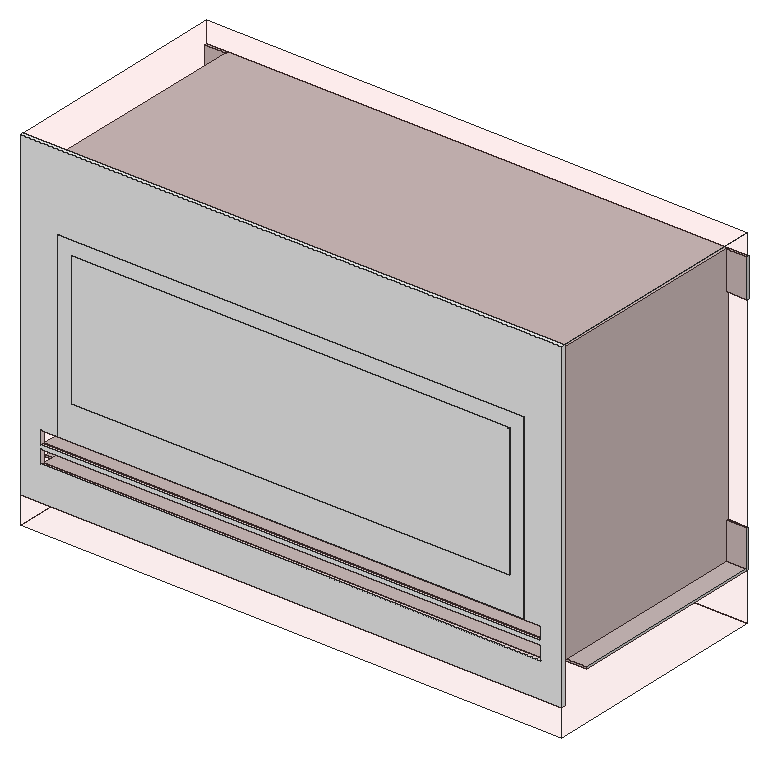
Revit family "Air-Curtain_Customer-Entry_PoweredAire_ECC-E", category Mechanical Equipment, host Face, Revit 2018
Family settings
  Host = Face
  Round Connector Dimension = Use Diameter
  Part Type = Normal
  OmniClass Number = 23.75.35.17.21
  OmniClass Title = Air Curtains
  Cut with Voids When Loaded = No
  Shared = No
  Room Calculation Point = No
Parameters
  Warranty Duration (Years) = 0
  Unit Width Notes = "Other Widths available."  # constant formula
  Unit Width = 3' - 3"
  Unit Weight = 0
  Unit Height = 1' - 4 3/4"
  Unit Depth = 1' - 11 1/4"
  URL = "http://www.poweredaire.com/"
  Test Data = ""
  Temperature Rise_Range = "as Specified"
  Standards Conformance = "as Specified"
  Specification = "http://www.arcat.com/sdspecs/htm04/23_34_33pai.htm"
  SpecWizard = ""
  Sound Pressure = "as Specified"
  Sales Information = "http://www.poweredaire.com/contact_us"
  Revision = "R1_2016-08"
  Projection from Host [instance] = 0' - 2"
  Product Properties = ""
  Product Data = "http://www.arcat.com/arcatcos/cos47/arc47623.html"
  Power Rating = 0 W
  Outlet Volume_Range = "as Specified"
  Outlet Velocity_Range = "as Specified"
  Nozzle Width = if(1 = 1, Unit Width - 0' 3", 0' 0")  # 3' - 0"
  Mounting Width = if(1 = 1, Unit Width - 0' 1 1/2", 0' 0")  # 3' - 1 1/2"
  Mounting Height [instance] = 3' - 6"
  Motor RPM = 0
  Motor HP = 0
  Motor Count = 0
  Model = "As Specified"
  Max Height = 0' - 0"
  Manufacturer Website = "http://www.poweredaire.com/"
  Manufacturer Phone - Toll Free = "888-321-2473"
  Manufacturer Phone = "724-588-3305"
  Manufacturer Fax = "724-588-3371"
  Manufacturer Address = "109 Mortensen Rd.  Greenville, PA 16125"
  Manufacturer = "Powered Aire, Inc"
  Maintenance Schedule (Months) = 0
  Keynote = "23 34 33"
  Installation-Fabrication = ""
  Installation Phase = ""
  Include Clearance [instance] = yes
  Heating Element Load = 0 W
  HVAC_Temperature Rise [instance] = 0 °F
  HVAC_Outlet Volume [instance] = 0 CFM
  HVAC_Outlet Velocity Uniformity = 0
  HVAC_Outlet Velocity [instance] = 0 FPM
  Green Building-LEED = "http://www.arcat.com/green/clients/leed_data_47623.html"
  Front Grating Material [instance] = Metal - Steel - PoweredAire - White Perforated
  Frame Finish [instance] = Metal - Steel - PoweredAire - Stainless 304
  Expected Lifespan (Years) = 0
  Electrical_Wattage [instance] = Power Rating + Heating Element Load  # 0 W
  Electrical_Voltage [instance] = 0 V
  Electrical_Phase [instance] = 1
  Electrical_Frequency [instance] = 0 Hz
  Electrical_Amperage [instance] = 0 A
  Drawn By = "Sumex Design, Inc. / Robert S. Weygant, CSI, CDT, SCIP"
  Description = "Powered Aire Air Curtain as Specified"
  Default Elevation = 0' - 0"  # constant formula
  Cover Finish [instance] = Metal - Steel - PoweredAire - White
  Copyright = "©Arcat Inc."
  Construction Details = "http://www.arcat.com/details/powair/prod3336.html"
  Clearance_Top [instance] = 0' - 0"
  Clearance_Side B [instance] = 0' - 0"
  Clearance_Side A [instance] = 0' - 0"
  Clearance_Intake [instance] = 0' - 0"
  Clearance_Front [instance] = 0' - 0"
  Clearance Material [instance] = ARCAT Clearance
  Building Codes = ""
  Available Options [instance] = "as Specified"
  Assembly Code = "D3090400"
Reference planes (in)
  plane 1 "Center (Elevation)": y = 8.51318
  plane 2: z = 0
  plane 3 "Center (Left/Right)": x = 0
  plane 4: y = 16.88818
  plane 5: y = 0.13818
  plane 6: x = -19.5
  plane 7: x = 19.5
  plane 8: z = 25.25
  plane 9 "FF": y = -41.86182
  plane 10: z = 2
  plane 11: x = 18
  plane 12: x = -18
  plane 13: y = 16.88818
  plane 14: y = 0.13818
  plane 15: x = -19.5
  plane 16: x = 19.5
  plane 17: z = 25.25
  plane 18: y = 0.38818
Forms (in)
  Extrusion 1, solid, material "ARCAT Clearance" <- "Clearance Material", visible <- "Include Clearance"
    sketch origin (0, 0, 0) x (0, 1, 0) y (0, 0, 1)
      loop
        line (0.13818, 25.25) -> (0.13818, 0) -> (16.88818, 0) -> (16.88818, 25.25) -> (0.13818, 25.25)
    from -19.5 to 19.5
  Extrusion 2, solid, material "Metal - Steel - PoweredAire - White" <- "Cover Finish"
    sketch origin (0, 8.51318, 0) x (1, 0, 0) y (0, 0, 1)
      loop
        line (-19.5, 25.25) -> (-19.5, 2) -> (19.5, 2) -> (19.5, 25.25) -> (-19.5, 25.25)
    from 8.125 to 8.375
  Extrusion 3, solid, material "Metal - Steel - PoweredAire - Stainless 304" <- "Frame Finish"
    sketch origin (0, 8.51318, 0) x (1, 0, 0) y (0, 0, 1)
      loop
        line (18, 23.75) -> (-18, 23.75) -> (-18, 3.5) -> (18, 3.5) -> (18, 23.75)
    from -8.375 to 8.125
  Extrusion 4, void
    sketch origin (0, 0, 0) x (0, 1, 0) y (0, 0, 1)
      loop
        line (0.13818, 5.5) -> (0.13818, 4.5) -> (1.88818, 4.5) -> (1.88818, 6.75) -> (0.13818, 6.75) -> (0.13818, 5.75) -> (1.63818, 5.75) -> (1.63818, 5.5) -> (0.13818, 5.5)
    from -18 to 18
  Extrusion 5, solid, material "Metal - Steel - PoweredAire - White" <- "Cover Finish"
    sketch origin (-11.83813, 0.13818, 48) x (-1, 0, 0) y (0, 0, 1)
      loop
        line (4.91187, -41.25) -> (4.91187, -28.25) -> (-28.58813, -28.25) -> (-28.58813, -41.25) -> (4.91187, -41.25)
    from 0 to -0.03125
  Extrusion 6, solid, material "Metal - Steel - PoweredAire - White Perforated" <- "Front Grating Material"
    sketch origin (-11.83813, 0.10693, 48) x (1, 0, 0) y (0, 0, 1)
      loop
        line (-3.91187, -29.25) -> (-3.91187, -38.75) -> (27.58813, -38.75) -> (27.58813, -29.25) -> (-3.91187, -29.25)
    from 0 to 0.03125
  Extrusion 7, solid, material "Metal - Steel - PoweredAire - Stainless 304" <- "Frame Finish"
    sketch origin (-15.17702, -180, 2) x (-1, 0, 0) y (0, -1, 0)
      loop
        line (-33.17702, -196.88818) -> (-33.17702, -182.38818) -> (-34.67702, -182.38818) -> (-34.67702, -196.88818) -> (-33.17702, -196.88818)
      loop
        line (2.82298, -196.88818) -> (4.32298, -196.88818) -> (4.32298, -182.38818) -> (2.82298, -182.38818) -> (2.82298, -196.88818)
    from 1.5 to 1.625
  Extrusion 8, solid, material "Metal - Steel - PoweredAire - Stainless 304" <- "Frame Finish"
    sketch origin (-11.83813, 16.88818, 48) x (-1, 0, 0) y (0, 0, 1)
      loop
        line (7.66187, -44.5) -> (7.66187, -41.75) -> (6.16187, -41.75) -> (6.16187, -44.5) -> (7.66187, -44.5)
      loop
        line (-31.33813, -44.5) -> (-29.83813, -44.5) -> (-29.83813, -41.75) -> (-31.33813, -41.75) -> (-31.33813, -44.5)
      loop
        line (7.66187, -27) -> (7.66187, -24.25) -> (6.16187, -24.25) -> (6.16187, -27) -> (7.66187, -27)
      loop
        line (-31.33813, -27) -> (-29.83813, -27) -> (-29.83813, -24.25) -> (-31.33813, -24.25) -> (-31.33813, -27)
    from 0 to -0.125
Cuts and joins
  Extrusion 4 cuts Extrusion 2
  Extrusion 4 cuts Extrusion 3
Dimensions and locks (in)
  equal spacing: plane 4, plane 1 "Center (Elevation)", plane 5
  "Unit Height": plane 4 to plane 5
  equal spacing: plane 6, plane 3 "Center (Left/Right)", plane 7
  "Unit Width": plane 6 to plane 7
  "Mounting Height": plane 5 to plane 9 "FF"
  "Projection from Host": plane 10 to level
  "Unit Depth": plane 8 to plane 10
  locked: plane 6 to plane 12 at 1.5
  locked: plane 11 to plane 7 at 1.5
  "Clearance_Side A": plane 7 to plane 16
  "Clearance_Side B": plane 15 to plane 6
  "Clearance_Top": plane 13 to plane 4
  "Clearance_Intake": plane 5 to plane 14
  "Clearance_Front": plane 17 to plane 8
  locked: plane 8 to Extrusion 3 sketch curve at 1.5
  locked: Extrusion 3 sketch curve to plane 10 at 1.5
  locked: plane 7 to Extrusion 3 sketch curve at 1.5
  locked: Extrusion 3 sketch curve to plane 6 at 1.5
  locked: plane 18 to plane 5 at 0.25
  Extrusion 4 sketch curve to Extrusion 4 sketch curve to Extrusion 4 sketch curve to Extrusion 4 sketch curve to plane 10 = 0' - 1" locked, 0' - 0 1/4" locked, 0' - 1" locked, 0' - 2 1/2" locked
  Extrusion 5 sketch curve to Extrusion 5 sketch curve to plane 10 = 1' - 1" locked, 0' - 4 3/4" locked
  locked: plane 11 to Extrusion 5 sketch curve at 1.25
  locked: Extrusion 5 sketch curve to plane 12 at 1.25
  Extrusion 6 sketch curve to Extrusion 6 sketch curve to plane 10 = 0' - 9 1/2" locked, 0' - 7 1/4" locked
  locked: Extrusion 6 sketch curve to plane 12 at 2.25
  locked: plane 11 to Extrusion 6 sketch curve at 2.25
  locked: plane 4 to Extrusion 7 sketch curve at 14.5  (x2)
  Extrusion 8 sketch curve to Extrusion 8 sketch curve to Extrusion 8 sketch curve to Extrusion 8 sketch curve to plane 10 = 0' - 2 3/4" locked, 1' - 2 3/4" locked, 0' - 2 3/4" locked, 0' - 1 1/2" locked  (x2)
  aligned and locked: plane 2 to host face
  aligned and locked: level to host face
  aligned and locked: Extrusion 1 sketch curve to plane 17
  aligned and locked: plane 14 to Extrusion 1 sketch curve
  aligned and locked: level to Extrusion 1 sketch curve
  aligned and locked: Extrusion 1 sketch curve to plane 13
  aligned and locked: plane 16 to Extrusion 1
  aligned and locked: Extrusion 1 to plane 15
  aligned and locked: Extrusion 2 sketch curve to plane 8
  aligned and locked: plane 6 to Extrusion 2 sketch curve
  aligned and locked: Extrusion 2 sketch curve to plane 10
  aligned and locked: Extrusion 2 sketch curve to plane 7
  aligned and locked: Extrusion 3 to plane 4
  aligned and locked: Extrusion 3 to plane 18
  aligned and locked: Extrusion 2 to plane 18
  aligned and locked: Extrusion 2 to plane 5
  aligned and locked: plane 11 to Extrusion 4
  aligned and locked: Extrusion 4 to plane 12
  aligned and locked: Extrusion 7 sketch curve to plane 4  (x2)
Automatic sketch dimensions
  host sketch curve to host sketch curve = 8' - 0"  (x2)
  Extrusion 4 sketch curve to plane 5 = 0' - 0"  (x2)
  plane 18 to Extrusion 4 sketch curve = 0' - 1 1/4"
  Extrusion 4 sketch curve to Extrusion 4 sketch curve = 0' - 0 1/4"
  Extrusion 7 sketch curve to plane 7 = 0' - 0"
  Extrusion 7 sketch curve to plane 11 = 0' - 0"
  Extrusion 7 sketch curve to plane 12 = 0' - 0"
  Extrusion 7 sketch curve to plane 6 = 0' - 0"
  Extrusion 8 sketch curve to plane 7 = 0' - 0"  (x2)
  Extrusion 8 sketch curve to plane 11 = 0' - 0"  (x2)
  Extrusion 8 sketch curve to plane 12 = 0' - 0"  (x2)
  Extrusion 8 sketch curve to plane 6 = 0' - 0"  (x2)
Connectors (in)
  electrical at (-18, 4.88818, 9.625), driven by "Electrical_Voltage", driven by "Electrical_Phase"
    settings: on cut or joined group of Extrusion 3, Extrusion 4, index 1, voltage 0 V, apparent load 0 VA, apparent load phase1 0 VA, apparent load phase2 0 VA, apparent load phase3 0 VA, power factor 1, load classification "Other", number of poles 1, system type 31, power factor state 1, is connector primary yes, connector utility no, sub classification motor no, connector description ""
